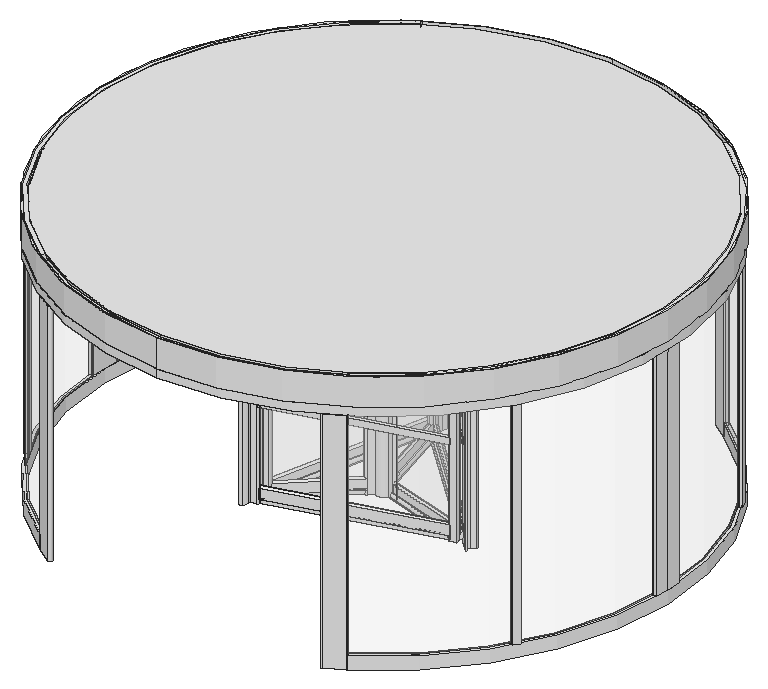
Revit family "Automatic Revolving Door RD3L", category Doors, host Wall, Revit 2019 (continued)
Automatic sketch dimensions
  Sweep 40 sketch curve to Sweep 40 sketch curve = 0' - 0.28809"
  Sweep 40 sketch curve to Sweep 40 sketch curve = 0' - 0"  (x3)
  Sweep 40 sketch curve to Sweep 40 sketch curve = 0' - 0.01788"
  Sweep 40 sketch curve to profile plane = 0' - 0.60135"
  profile plane to Sweep 40 sketch curve = 0' - 0.01994"
  Sweep 40 sketch curve to Sweep 40 sketch curve = 0' - 0.44316"  (x2)
  Sweep 40 sketch curve to Sweep 40 sketch curve = 0' - 0.70308"
  Sweep 40 sketch curve to Sweep 40 sketch curve = 0' - 0.3472"
  Sweep 40 sketch curve to Sweep 40 sketch curve = 0' - 0.22588"
  Sweep 40 sketch curve to profile plane = 0' - 0.12795"
  Sweep 40 sketch curve to Sweep 40 sketch curve = 0' - 2.21014"
  Sweep 40 sketch curve to profile plane = 0' - 0.79202"
  Sweep 40 sketch curve to Sweep 40 sketch curve = 0' - 0.515"  (x2)
  Sweep 40 sketch curve to Sweep 40 sketch curve = 0' - 0.59624"
  profile plane to Sweep 40 sketch curve = 0' - 0.12795"
  Sweep 40 sketch curve to profile plane = 0' - 0.34646"
  Sweep 40 sketch curve to profile plane = 0' - 0.14838"
  Sweep 40 sketch curve to Sweep 40 sketch curve = 0' - 0.1496"
  profile plane to Sweep 40 sketch curve = 0' - 1.05171"
  Sweep 42 sketch curve to profile plane = 0' - 0"
  profile plane to Sweep 42 sketch curve = 0' - 0.77708"
  Sweep 42 sketch curve to Sweep 42 sketch curve = 0' - 0.28809"
  Sweep 42 sketch curve to Sweep 42 sketch curve = 0' - 0"  (x3)
  Sweep 42 sketch curve to Sweep 42 sketch curve = 0' - 0.01788"
  Sweep 42 sketch curve to profile plane = 0' - 0.60135"
  profile plane to Sweep 42 sketch curve = 0' - 1.16943"
  profile plane to Sweep 42 sketch curve = 0' - 0.01994"
  Sweep 42 sketch curve to Sweep 42 sketch curve = 0' - 0.44316"  (x2)
  Sweep 42 sketch curve to Sweep 42 sketch curve = 0' - 0.70308"
  Sweep 42 sketch curve to Sweep 42 sketch curve = 0' - 0.22588"
  Sweep 42 sketch curve to Sweep 42 sketch curve = 0' - 0.3472"
  Sweep 42 sketch curve to profile plane = 0' - 0.12795"
  Sweep 42 sketch curve to Sweep 42 sketch curve = 0' - 2.21014"
  Sweep 42 sketch curve to Sweep 42 sketch curve = 0' - 0.515"  (x2)
  Sweep 42 sketch curve to Sweep 42 sketch curve = 0' - 0.59624"
  profile plane to Sweep 42 sketch curve = 0' - 0.12795"
  Sweep 42 sketch curve to Sweep 42 sketch curve = 0' - 0.19066"
  Sweep 42 sketch curve to profile plane = 0' - 0.34646"
  Sweep 42 sketch curve to profile plane = 0' - 0.14838"
  profile plane to Sweep 42 sketch curve = 0' - 0.7874"
  curve 15 to Sweep 43 sketch curve = 0' - 2.26378"
  Sweep 43 sketch curve to curve 15 = 0' - 5.84646"
  Sweep 43 sketch curve to profile plane = 0' - 0"
  profile plane to Sweep 43 sketch curve = 0' - 0.78485"
  profile plane to Sweep 43 sketch curve = 0' - 1.97188"
  Sweep 43 sketch curve to Sweep 43 sketch curve = 0' - 0"
  profile plane to Sweep 43 sketch curve = 0' - 0.12795"
  Sweep 43 sketch curve to Sweep 43 sketch curve = 0' - 0.19332"
  Sweep 43 sketch curve to Sweep 43 sketch curve = 0' - 0.39495"
  Sweep 43 sketch curve to profile plane = 0' - 0.12795"
  Sweep 43 sketch curve to Sweep 43 sketch curve = 0' - 0.00262"
  Sweep 43 sketch curve to profile plane = 0' - 0.78995"
  curve 15 to Sweep 42 sketch curve = 0' - 2.26378"
  Sweep 42 sketch curve to curve 15 = 0' - 5.84646"
  Sweep 32 sketch curve to profile plane = 0' - 0"
  Sweep 32 sketch curve to profile plane = 0' - 2.16535"
  profile plane to Sweep 32 sketch curve = 0' - 0.12795"
  Sweep 32 sketch curve to Sweep 32 sketch curve = 0' - 0.59055"
  Sweep 32 sketch curve to profile plane = 0' - 0.12852"
  Sweep 32 sketch curve to Sweep 32 sketch curve = 0' - 0"  (x3)
  Sweep 32 sketch curve to Sweep 32 sketch curve = 0' - 0.65906"
  Sweep 32 sketch curve to profile plane = 0' - 0.78936"
  Sweep 33 sketch curve to profile plane = 0' - 0"
  profile plane to Sweep 33 sketch curve = 0' - 0.77708"
  Sweep 33 sketch curve to Sweep 33 sketch curve = 0' - 0.28809"
  Sweep 33 sketch curve to Sweep 33 sketch curve = 0' - 0"  (x2)
  Sweep 33 sketch curve to Sweep 33 sketch curve = 0' - 0.01788"
  profile plane to Sweep 33 sketch curve = 0' - 0.58871"
  profile plane to Sweep 33 sketch curve = 0' - 0.13574"
  Sweep 33 sketch curve to Sweep 33 sketch curve = 0' - 0.44316"  (x2)
  Sweep 33 sketch curve to Sweep 33 sketch curve = 0' - 0.22588"
  Sweep 33 sketch curve to Sweep 33 sketch curve = 0' - 0.3472"
  profile plane to Sweep 33 sketch curve = 0' - 0.12565"
  Sweep 33 sketch curve to profile plane = 0' - 0.80005"
  Sweep 33 sketch curve to profile plane = 0' - 0.03259"
  Sweep 33 sketch curve to Sweep 33 sketch curve = 0' - 0.19808"
  Sweep 33 sketch curve to Sweep 33 sketch curve = 0' - 0.44556"
  profile plane to Sweep 33 sketch curve = 0' - 1.16943"
  Sweep 33 sketch curve to profile plane = 0' - 0.94965"
  Sweep 33 sketch curve to Sweep 33 sketch curve = 0' - 2.21014"
  Sweep 33 sketch curve to Sweep 33 sketch curve = 0' - 0.515"  (x2)
  Sweep 33 sketch curve to profile plane = 0' - 0.12852"
  Sweep 33 sketch curve to Sweep 33 sketch curve = 0' - 0.60716"
  Sweep 33 sketch curve to Sweep 33 sketch curve = 0' - 0.02021"
  curve 12 to Sweep 21 sketch curve = 0' - 0"
  profile plane to Sweep 34 sketch curve = 0' - 0"
  Sweep 34 sketch curve to profile plane = 0' - 0.78701"
  profile plane to Sweep 34 sketch curve = 0' - 2.16535"
  Sweep 34 sketch curve to Sweep 34 sketch curve = 0' - 0"  (x3)
  Sweep 34 sketch curve to profile plane = 0' - 0.12795"
  profile plane to Sweep 34 sketch curve = 0' - 0.12852"
  Sweep 34 sketch curve to Sweep 34 sketch curve = 0' - 0.59055"
  profile plane to Sweep 34 sketch curve = 0' - 0.78936"
  profile plane to Sweep 35 sketch curve = 0' - 0"
  Sweep 35 sketch curve to profile plane = 0' - 0.77708"
  Sweep 35 sketch curve to Sweep 35 sketch curve = 0' - 0.28809"
  Sweep 35 sketch curve to Sweep 35 sketch curve = 0' - 0"  (x2)
  Sweep 35 sketch curve to Sweep 35 sketch curve = 0' - 0.30596"
  Sweep 35 sketch curve to profile plane = 0' - 0.58871"
  Sweep 35 sketch curve to profile plane = 0' - 1.16943"
  profile plane to Sweep 35 sketch curve = 0' - 0.03259"
  Sweep 35 sketch curve to Sweep 35 sketch curve = 0' - 0.44316"  (x2)
  Sweep 35 sketch curve to Sweep 35 sketch curve = 0' - 0.70308"
  Sweep 35 sketch curve to Sweep 35 sketch curve = 0' - 0.22588"
  Sweep 35 sketch curve to Sweep 35 sketch curve = 0' - 0.3472"
  profile plane to Sweep 35 sketch curve = 0' - 0.12852"
  Sweep 35 sketch curve to Sweep 35 sketch curve = 0' - 2.21014"
  Sweep 35 sketch curve to Sweep 35 sketch curve = 0' - 0.515"  (x2)
  Sweep 35 sketch curve to profile plane = 0' - 0.77937"
  Sweep 35 sketch curve to profile plane = 0' - 0.12565"
  Sweep 35 sketch curve to Sweep 35 sketch curve = 0' - 0.58695"
  Sweep 35 sketch curve to Sweep 35 sketch curve = 0' - 0.02021"
  Sweep 35 sketch curve to profile plane = 0' - 0.33381"
  Sweep 35 sketch curve to profile plane = 0' - 0.13574"
  profile plane to Sweep 35 sketch curve = 0' - 0.80005"
  Sweep 37 sketch curve to profile plane = 0' - 0"
  profile plane to Sweep 37 sketch curve = 0' - 0.7874"
  Sweep 37 sketch curve to profile plane = 0' - 2 21/128"
  profile plane to Sweep 37 sketch curve = 0' - 0.12795"
  Sweep 37 sketch curve to Sweep 37 sketch curve = 0' - 0.0013"
  Sweep 37 sketch curve to Sweep 37 sketch curve = 0' - 0"  (x2)
  Sweep 37 sketch curve to profile plane = 0' - 0.7874"
  Sweep 37 sketch curve to profile plane = 0' - 0.12795"
  Sweep 37 sketch curve to Sweep 37 sketch curve = 0' - 0.59055"
  Sweep 38 sketch curve to profile plane = 0' - 0"
  profile plane to Sweep 38 sketch curve = 0' - 0.77708"
  Sweep 38 sketch curve to Sweep 38 sketch curve = 0' - 0"  (x4)
  Sweep 38 sketch curve to profile plane = 0' - 0.60228"
  profile plane to Sweep 38 sketch curve = 0' - 1.16943"
  Sweep 38 sketch curve to profile plane = 0' - 0.14931"
  Sweep 38 sketch curve to Sweep 38 sketch curve = 0' - 0.44316"
  Sweep 38 sketch curve to Sweep 38 sketch curve = 0' - 0.22588"
  Sweep 38 sketch curve to Sweep 38 sketch curve = 0' - 0.3472"
  Sweep 38 sketch curve to Sweep 38 sketch curve = 0' - 0.515"  (x2)
  profile plane to Sweep 38 sketch curve = 0' - 0.78648"
  profile plane to Sweep 38 sketch curve = 0' - 0.12703"
  Sweep 38 sketch curve to Sweep 38 sketch curve = 0' - 0.19066"
  Sweep 38 sketch curve to Sweep 38 sketch curve = 0' - 0.19808"
  Sweep 38 sketch curve to profile plane = 0' - 0.12888"
  profile plane to Sweep 38 sketch curve = 0' - 0.01902"
  profile plane to Sweep 38 sketch curve = 0' - 0.93608"
  Sweep 38 sketch curve to Sweep 38 sketch curve = 0' - 2.21014"
  Sweep 38 sketch curve to Sweep 38 sketch curve = 0' - 0.59624"
  Sweep 38 sketch curve to Sweep 38 sketch curve = 0' - 0.30596"
  Sweep 38 sketch curve to Sweep 38 sketch curve = 0' - 0.01788"
  Sweep 23 sketch curve to curve 13 = 0' - 0"
  Sweep 36 sketch curve to profile plane = 0' - 0"
  profile plane to Sweep 36 sketch curve = 0' - 0.7874"
  Sweep 36 sketch curve to profile plane = 0' - 2 21/128"
  Sweep 36 sketch curve to profile plane = 0' - 0.12795"
  Sweep 36 sketch curve to Sweep 36 sketch curve = 0' - 0.0013"
  Sweep 36 sketch curve to profile plane = 0' - 0.7874"
  Sweep 36 sketch curve to Sweep 36 sketch curve = 0' - 0"  (x2)
  profile plane to Sweep 36 sketch curve = 0' - 0.12795"
  Sweep 36 sketch curve to Sweep 36 sketch curve = 0' - 0.59055"
  Sweep 39 sketch curve to profile plane = 0' - 0"
  profile plane to Sweep 39 sketch curve = 0' - 0.77708"
  Sweep 39 sketch curve to Sweep 39 sketch curve = 0' - 0.28809"
  Sweep 39 sketch curve to Sweep 39 sketch curve = 0' - 0"  (x3)
  Sweep 39 sketch curve to Sweep 39 sketch curve = 0' - 0.30596"
  Sweep 39 sketch curve to profile plane = 0' - 0.60228"
  profile plane to Sweep 39 sketch curve = 0' - 1.16943"
  Sweep 39 sketch curve to profile plane = 0' - 0.14931"
  Sweep 39 sketch curve to Sweep 39 sketch curve = 0' - 0.44316"  (x2)
  Sweep 39 sketch curve to Sweep 39 sketch curve = 0' - 0.70308"
  Sweep 39 sketch curve to Sweep 39 sketch curve = 0' - 0.22588"
  Sweep 39 sketch curve to Sweep 39 sketch curve = 0' - 0.3472"
  Sweep 39 sketch curve to profile plane = 0' - 0.12888"
  Sweep 39 sketch curve to Sweep 39 sketch curve = 0' - 2.21014"
  Sweep 39 sketch curve to Sweep 39 sketch curve = 0' - 0.515"  (x2)
  profile plane to Sweep 39 sketch curve = 0' - 0.12703"
  Sweep 39 sketch curve to Sweep 39 sketch curve = 0' - 0.59624"
  Sweep 39 sketch curve to Sweep 39 sketch curve = 0' - 0.19066"
  Sweep 39 sketch curve to Sweep 39 sketch curve = 0' - 0.19808"
  profile plane to Sweep 39 sketch curve = 0' - 0.01902"
  profile plane to Sweep 39 sketch curve = 0' - 0.78648"
  Sweep 29 sketch curve to curve 16 = 3' - 6.55906"
  profile plane to Sweep 1 sketch curve = 0' - 0.14173"
  profile plane to Sweep 1 sketch curve = 0' - 0.39961"
  Sweep 1 sketch curve to Sweep 1 sketch curve = 0' - 0.35433"
  Sweep 1 sketch curve to Sweep 1 sketch curve = 0' - 1.5748"
  profile plane to Sweep 2 sketch curve = 0' - 0.75394"
  profile plane to Sweep 2 sketch curve = 0' - 0.39961"
  Sweep 4 sketch curve to profile plane = 0' - 0.1378"
  Sweep 4 sketch curve to Sweep 4 sketch curve = 0' - 0.25591"
  Sweep 4 sketch curve to Sweep 4 sketch curve = 0' - 0.35517"
  Sweep 4 sketch curve to Sweep 4 sketch curve = 0' - 0.96373"
  Sweep 5 sketch curve to profile plane = 0' - 0.3937"
  Sweep 5 sketch curve to Sweep 5 sketch curve = 0' - 0.35517"
  Sweep 12 sketch curve to curve 7 = 0' - 0"
  Sweep 10 sketch curve to curve 5 = 0' - 0"
  profile plane to Sweep 18 sketch curve = 0' - 0"
  profile plane to Sweep 18 sketch curve = 0' - 1.0442"
  Sweep 18 sketch curve to Sweep 18 sketch curve = 0' - 0.35345"
  profile plane to Sweep 18 sketch curve = 0' - 1.5748"
  plane 5 "Exterior" to Sweep 44 sketch curve = 0' - 0.3563"
  Sweep 45 sketch curve to plane 1 = 0' - 0"
  Sweep 27 sketch curve to curve 15 = 3' - 6.55906"
  Sweep 38 sketch curve to curve 13 = 0' - 0"
  Sweep 14 sketch curve to plane 12 = 0' - 0"
  plane 12 to Sweep 15 sketch curve = 0' - 0"
  plane 12 to Sweep 16 sketch curve = 0' - 0"
  plane 1 to Sweep 4 sketch curve = 0' - 0"
  Sweep 4 sketch curve to plane 2 "Center (Left/Right)" = 0' - 0"
  profile plane to Sweep 11 sketch curve = 0' - 1.7069"
  Sweep 11 sketch curve to profile plane = 0' - 1.18667"
  profile plane to Sweep 11 sketch curve = 0' - 1.65612"
  Sweep 11 sketch curve to Sweep 11 sketch curve = 0' - 0 1/256"
  profile plane to Sweep 11 sketch curve = 0' - 0.69705"
  Sweep 11 sketch curve to Sweep 11 sketch curve = 0' - 0.00274"  (x2)
  Sweep 11 sketch curve to Sweep 11 sketch curve = 0' - 0.35499"  (x2)
  profile plane to Sweep 11 sketch curve = 0' - 0.08105"
  profile plane to Sweep 11 sketch curve = 0' - 0.13134"
  Sweep 11 sketch curve to Sweep 11 sketch curve = 0' - 0.00926"
  profile plane to Sweep 11 sketch curve = 0' - 0.84152"
  Sweep 11 sketch curve to Sweep 11 sketch curve = 0' - 0.00243"
  Sweep 11 sketch curve to Sweep 11 sketch curve = 0' - 0.3329"
  Sweep 11 sketch curve to Sweep 11 sketch curve = 0' - 0.33306"
  Sweep 11 sketch curve to Sweep 11 sketch curve = 0' - 0.00223"
  Sweep 11 sketch curve to Sweep 11 sketch curve = 0' - 0.00226"
  profile plane to Sweep 11 sketch curve = 0' - 0.74628"
  profile plane to Sweep 11 sketch curve = 0' - 0.34273"
  profile plane to Sweep 10 sketch curve = 0' - 1.5347"  (x2)
  profile plane to Sweep 10 sketch curve = 0' - 0"
  profile plane to Sweep 10 sketch curve = 0' - 0.58535"
  Sweep 10 sketch curve to Sweep 10 sketch curve = 0' - 0.01401"
  profile plane to Sweep 10 sketch curve = 0' - 0.23263"
  profile plane to Sweep 10 sketch curve = 0' - 0.23133"
  profile plane to Sweep 10 sketch curve = 0' - 0.21726"
  Sweep 10 sketch curve to profile plane = 0' - 0.04162"
  Sweep 10 sketch curve to profile plane = 0' - 0.04163"
  profile plane to Sweep 10 sketch curve = 0' - 0.00186"
  profile plane to Sweep 10 sketch curve = 0' - 1.68404"
  Sweep 10 sketch curve to Sweep 10 sketch curve = 0' - 0.34898"
  Sweep 10 sketch curve to Sweep 10 sketch curve = 0' - 0.00614"
  profile plane to Sweep 10 sketch curve = 0' - 0.21647"
  Sweep 10 sketch curve to Sweep 10 sketch curve = 0' - 0.1321"
  Sweep 10 sketch curve to Sweep 10 sketch curve = 0' - 0.04657"
  Sweep 10 sketch curve to Sweep 10 sketch curve = 0' - 0.01349"
  Sweep 10 sketch curve to Sweep 10 sketch curve = 0' - 0.01251"
  Sweep 10 sketch curve to Sweep 10 sketch curve = 0' - 0.35161"
  Sweep 10 sketch curve to Sweep 10 sketch curve = 0' - 0"
  profile plane to Sweep 10 sketch curve = 0' - 4.96647"
  Sweep 10 sketch curve to Sweep 10 sketch curve = 0' - 0.01735"
  Sweep 30 to curve 285 = 0' - 0.38197"
  curve 17 to curve 12 = 0' - 0"
  curve 16 to curve 13 = 0' - 0"  (x2)
  curve 15 to curve 14 = 0' - 0"  (x2)
  radius of Sweep 19 sketch curve = 0' - 2.95276"
Types (4): name | Wing Length | Folding Length | Radous 4 | Distance | TW | Radius 1 | Product SKU | Name of the object | Width | Radius 2 | Radius 3
  RD700 14' | 2' - 4 1/16" | 4' - 6 9/16" | 7' - 0 5/32" | 6' - 10 15/32" | 6' - 6 3/8" | 6' - 10 17/32" | "RD3L" | "RD3L" | 14' - 0 1/2" | 7' - 0 1/2" | 7' - 0 3/32"
  RD700 16' | 2' - 8 3/8" | 5' - 2 1/16" | 7' - 11 31/32" | 7' - 10 9/32" | 7' - 6 1/4" | 7' - 10 11/32" | "RD3L" | "RD3L" | 16' - 0 1/8" | 8' - 0 5/16" | 7' - 11 29/32"
  RD700 18' | 3' - 0 23/32" | 5' - 9 9/16" | 8' - 11 51/64" | 8' - 10 7/64" | 8' - 6 1/32" | 8' - 10 11/64" | "RD700" | "RD700" | 17' - 11 25/32" | 9' - 0 9/64" | 8' - 11 47/64"
  RD700 20' | 3' - 6 7/16" | 6' - 7 9/16" | 10' - 3 17/32" | 10' - 1 27/32" | 9' - 9 13/16" | 10' - 1 29/32" | "RD3L" | "RD3L" | 20' - 7 1/4" | 10' - 3 7/8" | 10' - 3 15/32"
